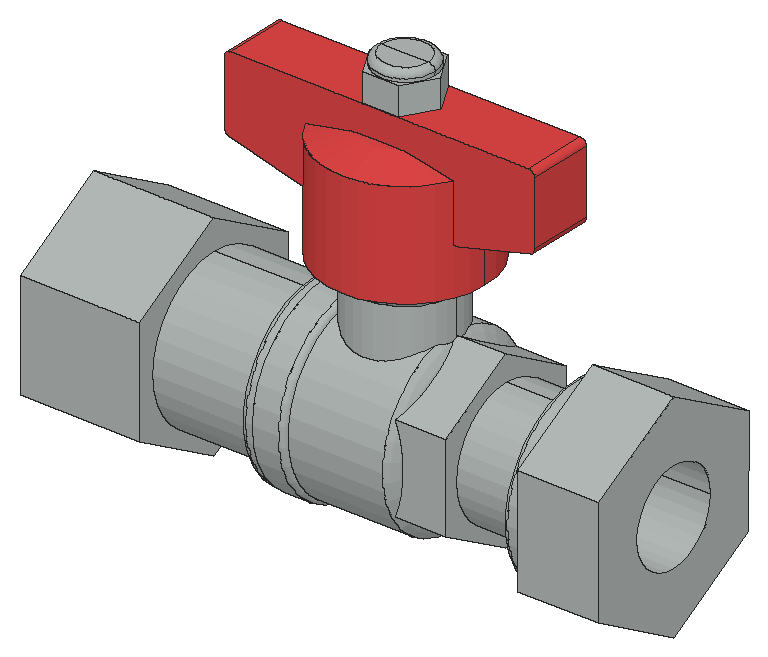
Revit family "QD00700000", category Apparecchi idraulici, Revit 2020
Family settings
  Quota connettore circolare = Usa diametro
  Tipo di parte = Normale
  Numero OmniClass = 23.45.00.00
  Titolo OmniClass = Sanitary, Laundry, and Cleaning Equipment
  Basato su piano di lavoro = No
  Sempre verticale = Sì
  Taglio con vuoti quando caricato = No
  Condiviso = No
  Punto di calcolo locali = No
Parameters
  URL = "https://web.cimberio.com/index.php/figura/331?subcategoria_id="
  Temperatura di esercizio = "-20 ÷ 65°C (servizio continuo) 90°C (picchi di 1h) secondo EN 13959"
  Prospetto di default = 0 mm
  Produttore = "CIMBERIO SPA"
  Pressione nominale = "PN 80 (DN15); PN 50 (DN20)"
  Pressione d'esercizio = "16 bar"
  Modello = "Cim 304"
  Materiale = "Prodotto in lega di ottone conforme alla norma EN 12165-CW617N-DW"
  Descrizione = "Utilizzato nei più svariati settori dell'impiantistica: reti di distribuzione acqua potabile, impianti di riscaldamento, condizionamento, igienico-sanitari e in generale con ogni fluido non corrosivo"
  DN Model [instance] = QD00702124 : QD00702124
  DN [instance] = 15 mm
  Commenti sul tipo = "Realizzato in ottemperanza ai requisiti gestionali della norma EN ISO 9001.\r\nCollaudato al 100% secondo la normativa EN 12266-1"
Reference planes
  plane 1 "Centro (Fronte/Retro)": y = 0
  plane 2: z = 0
  plane 3 "Centro (Sinistra/Destra)": x = 0
Dimensions and locks
  aligned and locked: level to plane 2
Nested families
  nested 1: "QD00702124" at (0, 0, 0), type <- "DN Model", type "QD00702124"
  nested 2: "QD00702124" at (0, 0, 0), type <- "DN Model", type "QD00702124"
  nested 3: "QD00702124" at (0, 0, 0), type <- "DN Model", type "QD00702124"
  nested 4: "QD00702124" at (0, 0, 0), type <- "DN Model", type "QD00702124"
Connectors
  piping at (43.2, 0, 0), diameter 15, driven by "DN"
    settings: on nested 1, index 1, connector inside diameter 609.6 mm, connector length 0 mm, flow factor 0, pipe flow 0.0 L/s, pressure drop 0.0 Pa, fitting loss kfactor 0, connector angle 0.00°, fixture units 0, engagement length 0 mm, angle of deflection 0.00°, flow configuration 0, flow direction 0, fitting loss method 0, system type 7, joint type 0, gender type 0, connector reference index -1, connector utility 0, adjustable connector no, is connector primary yes, connector description ""
  piping at (-50.1, 0, 0), diameter 15, driven by "DN"
    settings: on nested 1, index 2, connector inside diameter 609.6 mm, connector length 0 mm, flow factor 0, pipe flow 0.0 L/s, pressure drop 0.0 Pa, fitting loss kfactor 0, connector angle 0.00°, fixture units 0, engagement length 0 mm, angle of deflection 0.00°, flow configuration 0, flow direction 0, fitting loss method 0, system type 7, joint type 0, gender type 0, connector reference index -1, connector utility 0, adjustable connector no, is connector primary no, connector description ""
Definition of nested family "QD00702124"
  Parameters (values of type "QD00702124")
    URL = "https://web.cimberio.it/index.php/figura/394?subcategoria_id="
    Temperatura di esercizio = "-10 ÷ 95°C"
    Default Elevation = 0 mm
    Manufacturer = "CIMBERIO SPA"
    Pressione nominale = "PN 16"
    Model = "Cim 32"
    Materiale = "Prodotto in lega di ottone conforme alla norma EN 12165-CW617N-DW"
    Description = "Impiegato nei più svariati settori dell'impiantistica in condutture anti-ritorno per: reti di distribuzione acqua potabile, impianti di riscaldamento, condizionamento, igienico-sanitari e in generale con ogni fluido non corrosivo."
    Type Comments = "Realizzato in ottemperanza ai requisiti gestionali della norma EN ISO 9001.\r\nCollaudato al 100% secondo la normativa EN 12266-1"
  Reference planes
    plane 1 "Centro (Fronte/Retro)": y = 0
    plane 2: z = 0
    plane 3 "Centro (Sinistra/Destra)": x = 0
  Forms (mm)
    Revolve 1, solid
      sketch origin (0, 0, 0) x (1, 0, 0) y (0, 0, 1)
        loop
          line (-12.6, 14.75) -> (-13.886, 14.75)
          arc (-13.886, 14.75) -> (-14.391, 14.541) -> (-14.6, 14.036) r 0.714
          line (-14.6, 14.036) -> (-14.6, 7.5) -> (-12.6, 7.5) -> (-12.6, 14.75)
        axis (-14.6, 0) -> (-12.6, 0)
      angle from 0 to 360
    Revolve 2, solid
      sketch origin (0, 0, 0) x (1, 0, 0) y (0, 0, 1)
        loop
          line (-12.6, -15) -> (-8.453, -15)
          arc (-8.453, -15) -> (-7.862, -14.806) -> (-7.5, -14.3) r 1
          line (-7.5, -14.3) -> (7.7, -14.3)
          arc (7.7, -14.3) -> (9.549, -11.151) -> (9.473, -7.5) r 6.705
          line (9.473, -7.5) -> (-12.6, -7.5) -> (-12.6, -15)
        axis (-12.6, 0) -> (9.473, 0)
      angle from 0 to 360
    Extrusion 3, solid
      sketch origin (0, 0, 0) x (0, 1, 0) y (0, 0, 1)
        loop
          circle (0, 0) r 7.5
        loop
          line (0, 14) -> (-12.124, 7) -> (-12.124, -7) -> (0, -14) -> (12.124, -7) -> (12.124, 7) -> (0, 14)
      from 7.682 to 16.151
    Extrusion 4, solid
      sketch origin (-38, 0, 0) x (0, 1, 0) y (0, 0, 1)
        loop
          circle (0, 0) r 7.5
        loop
          line (0, 17.2) -> (-14.896, 8.6) -> (-14.896, -8.6) -> (0, -17.2) -> (14.896, -8.6) -> (14.896, 8.6) -> (0, 17.2)
      from -12.1 to 7.15
    Revolve 5, solid
      sketch origin (0, 0, 0) x (1, 0, 0) y (0, 0, 1)
        loop
          line (26, 10) -> (16.151, 10) -> (16.151, 7.5) -> (30.7, 7.5) -> (30.7, 11.1) -> (27.136, 11.1)
          arc (27.136, 11.1) -> (26.695, 10.419) -> (26, 10) r 1.808
        axis (16.151, 0) -> (30.7, 0)
      angle from 0 to 360
    Revolve 6, solid
      sketch origin (-3, 0, 0) x (1, 0, 0) y (0, 0, 1)
        loop
          line (30.7, 7.5) -> (33.2, 7.5) -> (33.2, 14.75) -> (31.216, 14.75)
          arc (31.216, 14.75) -> (30.851, 14.599) -> (30.7, 14.234) r 0.516
          line (30.7, 14.234) -> (30.7, 7.5)
        axis (30.7, 0) -> (33.2, 0)
      angle from 0 to 360
    Extrusion 7, solid
      sketch origin (0, 0, 0) x (0, 1, 0) y (0, 0, 1)
        loop
          circle (0, 0) r 7.5
        loop
          line (0, 17.4) -> (-15.069, 8.7) -> (-15.069, -8.7) -> (0, -17.4) -> (15.069, -8.7) -> (15.069, 8.7) -> (0, 17.4)
      from 30.2 to 43.2
    Revolve 8, solid
      sketch origin (0, 0, 0) x (1, 0, 0) y (0, 0, 1)
        loop
          line (-9, 26.168) -> (-9, 20.867)
          arc (-9, 20.867) -> (-8.866, 20.366) -> (-8.5, 20) r 1
          line (-8.5, 20) -> (-8.5, 11.674) -> (-0.999, 11.674) -> (-0.999, 26.168) -> (-9, 26.168)
        axis (-0.063, 26.168) -> (-0.063, 11.674)
      angle from 0 to 360
    Revolve 9, solid
      sketch origin (0, 0, 0) x (1, 0, 0) y (0, 0, 1)
        loop
          line (-12.882, 22.8) -> (0, 22.8) -> (0, 41.574)
          arc (0, 41.574) -> (-6.528, 41.282) -> (-12.882, 39.754) r 34.224
          line (-12.882, 39.754) -> (-12.882, 22.8)
        axis (0, 41.574) -> (0, 22.8)
      angle from 0 to 360
    Revolve 10, solid
      sketch origin (0, 0, 0) x (1, 0, 0) y (0, 0, 1)
        loop
          line (0, 49.392) -> (4.75, 49.392) -> (4.75, 50.768)
          arc (4.75, 50.768) -> (4.448, 51.498) -> (3.718, 51.8) r 1.032
          line (3.718, 51.8) -> (0, 51.8) -> (0, 49.392)
        axis (0, 51.8) -> (0, 49.392)
      angle from 0 to 360
    Extrusion 11, solid
      sketch origin (0, 0, 0) x (1, 0, 0) y (0, 0, 1)
        loop
          arc (-24, 45.8) -> (-24.707, 45.507) -> (-25, 44.8) r 1
          line (-25, 44.8) -> (-25, 34.567)
          arc (-25, 34.567) -> (-24.793, 33.959) -> (-24.259, 33.601) r 1
          line (-24.259, 33.601) -> (-12.721, 30.51) -> (12.721, 30.51) -> (24.259, 33.601)
          arc (24.259, 33.601) -> (24.793, 33.959) -> (25, 34.567) r 1
          line (25, 34.567) -> (25, 44.8)
          arc (25, 44.8) -> (24.707, 45.507) -> (24, 45.8) r 1
          line (24, 45.8) -> (-24, 45.8)
      from -5.184 to 5.128
    Extrusion 12, solid
      sketch origin (0, 0, 0) x (1, 0, 0) y (0, 1, 0)
        loop
          line (5.771, 0) -> (2.886, 4.998) -> (-2.886, 4.998) -> (-5.771, 0) -> (-2.886, -4.998) -> (2.886, -4.998) -> (5.771, 0)
      from 45.8 to 50.3
    Revolve 13, solid
      sketch origin (0, 0, 0) x (1, 0, 0) y (0, 0, 1)
        loop
          line (-30.85, 12.44) -> (-30.85, 7.5) -> (-14.6, 7.5) -> (-14.6, 12.44) -> (-30.85, 12.44)
        axis (-30.85, 0) -> (-14.6, 0)
      angle from 0 to 360
  Dimensions and locks
    aligned and locked: level to plane 2
